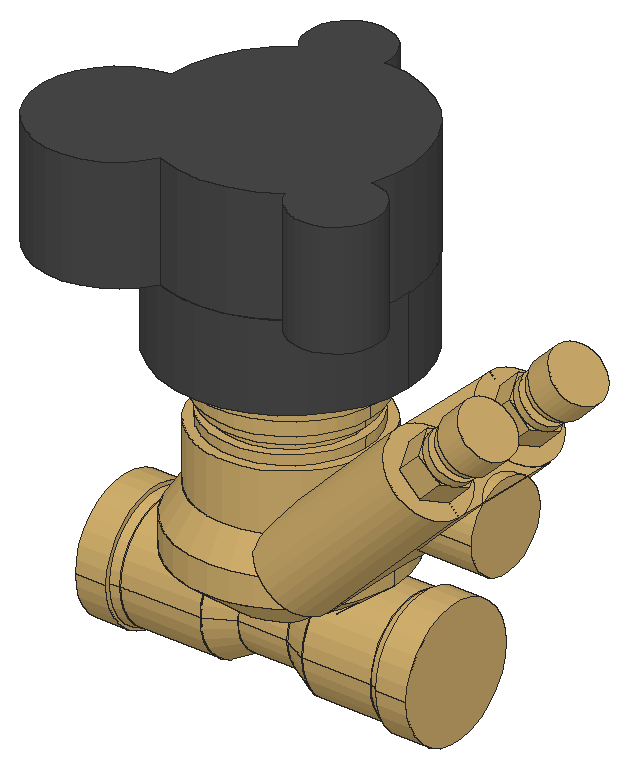
Revit family "Leno_MSV-BD_DN15-DN20_External_RFA", category Pipe Accessories, Revit 2019
Family settings
  Round Connector Dimension = Use Diameter
  Part Type = Valve - Breaks Into
  Work Plane-Based = No
  Always vertical = Yes
  Cut with Voids When Loaded = No
  Shared = No
Parameters (values of type "Leno MSV-BD_DN15LF_External_003Z4100")
  ang2D [instance] = 0.00°
  ZZ = 20 mm
  H_TP = 7.5 mm
  HV = 12 mm
  YC = 26.106 mm
  YAP = 12 mm
  XL = 45.5 mm
  XC2 = 17.375 mm
  XC1 = 38.61 mm
  XC = 32.5 mm
  XBB = 19.805 mm
  W2D = 15 mm
  Valve Body Material = Danfoss Brass
  URL = "https://store.danfoss.com/en/Climate-Solutions-for-heating/Hydronic-Balancing-and-Control/Static-balancing/LENO/c/7058?q=%3Arelevance%3Adanfoss_producttypehierarchydesc%3Ade63f997f1a05c9be4af68b7b90efa61c643d2da%3Adanfoss_a50461501115_fts%3ATA6_1501121&text="
  TD = RS2 * 2  # 25 mm
  S_2 = 15 mm
  S = 27 mm
  RV8 = 14 mm
  RV3 = 18 mm
  RV2 = 12 mm
  RV1 = 22 mm
  RS3 = 12 mm
  RS2 = 12.5 mm
  RR1 = 10.53 mm
  RR = 9.653 mm
  RG_1 = 16 mm
  RGB = 9.162 mm
  RG = 16 mm
  REX = 13.2 mm
  RC = 14.75 mm
  RB3 = 25 mm
  RB2 = 19 mm
  RB1 = 17 mm
  RA_1 = 7 mm
  RAB = 3 mm
  RA5 = 18 mm
  RA3_1 = 5.276 mm
  RA3 = 3.517 mm
  RA2 = 6 mm
  RA = 9 mm
  R2 = 14.625 mm
  R = 9 mm
  Pressure Drop [instance] = 0.0 Pa
  Model Type = "Leno MSV-BD_DN15LF_External"
  Model = "003Z4100"
  Min Medium Temperature = "-20 °C"  # constant formula
  Max Static Pressure = "20 bar"  # constant formula
  Max Flow Temperature = "120 °C"  # constant formula
  Max Differential Pressure = "250 kPa"  # constant formula
  Manufacturer = "Danfoss"  # constant formula
  MT = 1 mm
  MIN_1 = 5.5 mm
  MIN4 = 1.9 mm
  MIN3 = 8 mm
  MIN = 2 mm
  L_2 = 35 mm
  LOD 350 = not(LOD 200)  # yes
  LOD 200 = no
  LM = 18.2 mm
  LA2__ve = -LA2  # -6 mm
  LA2 = 6 mm
  LA = 39 mm
  L4 = 14.5 mm
  L2__ve = -L2  # -17 mm
  L2D_Min = 30.48 mm
  L2D = 65 mm
  L2 = 17 mm
  L1__ve = -L1  # -6.5 mm
  L1 = 6.5 mm
  L = L_2 * 2  # 70 mm
  Kvs = 2.5 m³/h
  IfcExportType = "LenoMSV-BD"  # constant formula
  IfcExportAs = "IfcValveType"  # constant formula
  HV3 = 12 mm
  HV2 = 12 mm
  HV1 = 6 mm
  HR = 7.035 mm
  HL__ve = -HL  # -24.77 mm
  HL = 24.77 mm
  HH = 42 mm
  HT = 4 mm
  HT1 = 4 mm
  H2 = H - 25 mm  # 67.5 mm
  H = 92.5 mm
  Flow [instance] = 0.0 m³/h
  Description = "Manual Balancing Valve"  # constant formula
  DA = 10.05 mm
  D5 = 35.75 mm
  D2 = 29.25 mm
  D = 15 mm
  Connection = "External Thread"  # constant formula
  CenSd_S_2_6 = S_2 * cos(30.00°)  # 12.99 mm
  CenSd_RA2_6 = RA2 * cos(30.00°)  # 5.196 mm
  A2 = 4.093 mm
  A1 = 13 mm
Types (3, lengths in mm): name | YC | YAP | XL | XC2 | XC1 | XC | XBB | W2D | TD | S_2 | S | RV8 | RV2 | RV1 | RS3 | RS2 | RR1 | RR | RGB | REX | RB3 | RA3_1 | RA3 | RA2 | R2 | R | Model Type | Model | MIN_1 | MIN4 | MIN3 | L_2 | LM | LA2__ve | LA2 | LA | L4 | L2__ve | L2D | L2 | L1__ve | L1 | L | Kvs | HV2 | HV1 | HR | HL__ve | HL | HT | HT1 | H2 | H | DA | D5 | D2 | D | CenSd_S_2_6 | CenSd_RA2_6 | A2 | A1
  Leno MSV-BD_DN20_External_003Z4102 | 30.122 | 12.6 | 46 | 20.048 | 44.55 | 37.5 | 22.775 | 20 | 32 | 17.9 | 32 | 15 | 13 | 24 | 15 | 16 | 12.15 | 11.138 | 11.188 | 16.5 | 25.5 | 8 | 4.41 | 7 | 16.875 | 13 | "Leno MSV-BD_DN20_External" | "003Z4102" | 3 | 1.8 | 6 | 37.5 | 22.2 | -6.2 | 6.2 | 41.5 | 9.5 | -12 | 75 | 12 | -8 | 8 | 75 | 6.0 m³/h | 15 | 9 | 8.82 | -27.35 | 27.35 | 4.5 | 3.6 | 69.9 | 94.9 | 12.6 | 41.25 | 33.75 | 20 | 15.502 | 6.062 | 6 | 15
  Leno MSV-BD_DN15_External_003Z4101 | 26.106 | 12 | 45.5 | 17.375 | 38.61 | 32.5 | 19.805 | 15 | 25 | 15 | 27 | 14 | 12 | 22 | 12 | 12.5 | 10.53 | 9.653 | 9.162 | 13.2 | 25 | 5.276 | 3.517 | 6 | 14.625 | 9 | "Leno MSV-BD_DN15_External" | "003Z4101" | 5.5 | 1.9 | 8 | 35 | 18.2 | -6 | 6 | 39 | 14.5 | -17 | 65 | 17 | -6.5 | 6.5 | 70 | 3.0 m³/h | 12 | 6 | 7.035 | -24.77 | 24.77 | 4 | 4 | 67.5 | 92.5 | 10.05 | 35.75 | 29.25 | 15 | 12.99 | 5.196 | 4.093 | 13
  Leno MSV-BD_DN15LF_External_003Z4100 | 26.106 | 12 | 45.5 | 17.375 | 38.61 | 32.5 | 19.805 | 15 | 25 | 15 | 27 | 14 | 12 | 22 | 12 | 12.5 | 10.53 | 9.653 | 9.162 | 13.2 | 25 | 5.276 | 3.517 | 6 | 14.625 | 9 | "Leno MSV-BD_DN15LF_External" | "003Z4100" | 5.5 | 1.9 | 8 | 35 | 18.2 | -6 | 6 | 39 | 14.5 | -17 | 65 | 17 | -6.5 | 6.5 | 70 | 2.5 m³/h | 12 | 6 | 7.035 | -24.77 | 24.77 | 4 | 4 | 67.5 | 92.5 | 10.05 | 35.75 | 29.25 | 15 | 12.99 | 5.196 | 4.093 | 13
Reference planes
  plane 1 "Center (Front/Back)": y = 0
  plane 2 "XYPLANE": z = 0
  plane 3 "Center (Left/Right)": x = 0
  plane 4 "732": through (-516.188, 0, 544.472) normal (0.7071, 0, 0.7071)
  plane 5 "731": z = 50.5
  plane 6 "708": z = 31.5
  plane 7 "705": x = 45.5
  plane 8 "699": z = 40
  plane 9 "676": through (-481.681, 0, 578.979) normal (0.7071, 0, 0.7071)
  plane 10 "675": through (-483.025, 0, 577.636) normal (0.7071, 0, 0.7071)
  plane 11 "638": y = 12
  plane 12 "629": y = -12
  plane 13 "224": z = 92.5
  plane 14 "216": x = -4
  plane 15 "215": x = 6.5
  plane 16 "213": z = 46
  plane 17 "212": z = 42
  plane 18 "211": z = 38
  plane 19 "210": z = 36
  plane 20 "209": z = 24
  plane 21 "207": through (-480.338, 0, 580.323) normal (0.7071, 0, 0.7071)
  plane 22 "206": through (-484.368, 0, 576.292) normal (0.7071, 0, 0.7071)
  plane 23 "205": through (-488.611, 0, 572.049) normal (0.7071, 0, 0.7071)
  plane 24 "203": z = 18
  plane 25 "202": z = 4
  plane 26 "199": z = 12
  plane 27 "180": x = 12
  plane 28 "179": x = 26.5
  plane 29 "178": x = 28.5
  plane 30 "177": x = -9.5
  plane 31 "176": x = -26.5
  plane 32 "175": x = -28.5
  plane 33 "140": x = 32.5
  plane 34 "139": x = -32.5
  plane 35 "96": through (-530.33, 0, 530.33) normal (0.7071, 0, 0.7071)
  plane 36 "95": y = 0
  plane 37 "93": through (527.436, 0, 533.225) normal (0.7071, 0, -0.7071)
  plane 38 "26": x = -35
  plane 39 "25": x = 35
  plane 40 "24": z = 0
  plane 41 "23": y = 0
  plane 42 "22": x = 0
  plane 43 "87XY": through (-530.33, 0, 530.33) normal (0.7071, 0, 0.7071)
  plane 44 "87XZ": y = 0
  plane 45 "87YZ": through (527.436, 0, 533.225) normal (0.7071, 0, -0.7071)
  plane 46: through (521.138, -1524, 539.522) normal (0.7071, 0, -0.7071)
  plane 47: through (0, -1524, 0) normal (-0.7071, 0, 0.7071)
  plane 48: x = 15
  plane 49: x = -9
  plane 50: y = -8
  plane 51 "32": z = 68.5
  plane 52 "LOD200_H": x = -10
Forms (mm)
  Extrusion 1, solid, material "Danfoss Brass" <- "Valve Body Material", visible <- "LOD 350", detail levels fine
    sketch origin (-750, 0, 38) x (1, 0, 0) y (0, 1, 0)
      loop
        circle (750, 0) r 14
    from 0 to 2 <- "MIN"
  Extrusion 2, solid, material "Danfoss Brass" <- "Valve Body Material", visible <- "LOD 350", detail levels fine
    sketch origin (-750, 0, 36) x (1, 0, 0) y (0, 1, 0)
      loop
        circle (750, 0) r 16
    from 0 to 2 <- "MIN"
  Extrusion 3, solid, material "Danfoss Brass" <- "Valve Body Material", detail levels fine
    sketch origin (45.5, -750, 0) x (0, 1, 0) y (0, 0, 1)
      loop
        circle (750, 31.5) r 9
    from 0 to -15.5
  Extrusion 4, solid, material "Danfoss Brass" <- "Valve Body Material", visible <- "LOD 350", detail levels fine
    sketch origin (-481.681, 0, 578.979) x (0.707107, 0, -0.707107) y (0, 1, 0)
      loop
        circle (745.907, 12) r 5.276
    from 0 to 1.9 <- "MIN4"
  Extrusion 5, solid, material "Danfoss Brass" <- "Valve Body Material", visible <- "LOD 350", detail levels fine
    sketch origin (-484.368, 0, 576.292) x (0.707107, 0, -0.707107) y (0, 1, 0)
      loop
        circle (745.907, 12) r 5.276
    from 0 to 1.9 <- "MIN4"
  Extrusion 6, solid, material "Danfoss Brass" <- "Valve Body Material", visible <- "LOD 350", detail levels fine
    sketch origin (-484.368, 0, 576.292) x (0.707107, 0, -0.707107) y (0, 1, 0)
      loop
        circle (745.907, -12) r 5.276
    from 0 to 1.9 <- "MIN4"
  Extrusion 7, solid, material "Danfoss Brass" <- "Valve Body Material", visible <- "LOD 350", detail levels fine
    sketch origin (-481.681, 0, 578.979) x (0.707107, 0, -0.707107) y (0, 1, 0)
      loop
        circle (745.907, -12) r 5.276
    from 0 to 1.9 <- "MIN4"
  Extrusion 8, solid, material "Danfoss Brass" <- "Valve Body Material", detail levels fine
    sketch origin (-516.188, 0, 544.472) x (0.707107, 0, -0.707107) y (0, 1, 0)
      loop
        circle (745.907, 12) r 9
    from 0 to 39 <- "LA"
  Extrusion 9, solid, material "Danfoss Brass" <- "Valve Body Material", visible <- "LOD 350", detail levels fine
    sketch origin (-488.611, 0, 572.049) x (0.707107, 0, -0.707107) y (0, 1, 0)
      loop
        line (742.816, 17.143) -> (739.908, 11.895) -> (742.998, 6.752) -> (748.997, 6.857) -> (751.906, 12.105) -> (748.815, 17.248) -> (742.816, 17.143)
    from 0 to 6 <- "LA2"
  Extrusion 10, solid, material "Danfoss Brass" <- "Valve Body Material", visible <- "LOD 350", detail levels fine
    sketch origin (-483.025, 0, 577.636) x (0.707107, 0, -0.707107) y (0, 1, 0)
      loop
        circle (745.907, 12) r 3.517
    from 0 to 2 <- "MIN"
  Extrusion 11, solid, material "Danfoss Brass" <- "Valve Body Material", visible <- "LOD 350", detail levels fine
    sketch origin (-480.338, 0, 580.323) x (0.707107, 0, -0.707107) y (0, 1, 0)
      loop
        circle (745.907, 12) r 6
    from 0 to 6
  Blend 12, solid, material "Danfoss Brass" <- "Valve Body Material", visible <- "LOD 350", detail levels fine
    base sketch origin (-750, 0, 12) x (1, 0, 0) y (0, 1, 0)
      loop
        circle (750, 0) r 22
    top sketch origin (-750, 0, 12) x (1, 0, 0) y (0, 1, 0)
      loop
        circle (750, 0) r 12
    from 0 to -8
  Extrusion 13, solid, material "Danfoss Brass" <- "Valve Body Material", visible <- "LOD 350", detail levels fine
    sketch origin (-750, 0, 42) x (1, 0, 0) y (0, 1, 0)
      loop
        circle (750, 0) r 17
    from 0 to 4 <- "HT1"
  Extrusion 14, solid, material "Danfoss Brass" <- "Valve Body Material", visible <- "LOD 350", detail levels fine
    sketch origin (-750, 0, 40) x (1, 0, 0) y (0, 1, 0)
      loop
        circle (750, 0) r 16
    from 0 to 2
  Extrusion 15, solid, material "Danfoss Brass" <- "Valve Body Material", visible <- "LOD 350", detail levels fine
    sketch origin (-750, 0, 24) x (1, 0, 0) y (0, 1, 0)
      loop
        circle (750, 0) r 18
    from 0 to 12 <- "HV3"
  Blend 16, solid, material "Danfoss Brass" <- "Valve Body Material", visible <- "LOD 350", detail levels fine
    base sketch origin (-750, 0, 18) x (1, 0, 0) y (0, 1, 0)
      loop
        circle (750, 0) r 22
    top sketch origin (-750, 0, 18) x (1, 0, 0) y (0, 1, 0)
      loop
        circle (750, 0) r 18
    from 0 to 6
  Extrusion 17, solid, material "Danfoss Brass" <- "Valve Body Material", visible <- "LOD 350", detail levels fine
    sketch origin (-480.338, 0, 580.323) x (0.707107, 0, -0.707107) y (0, 1, 0)
      loop
        circle (745.907, -12) r 6
    from 0 to 6.023
  Extrusion 18, solid, material "Danfoss Brass" <- "Valve Body Material", visible <- "LOD 350", detail levels fine
    sketch origin (-483.025, 0, 577.636) x (0.707107, 0, -0.707107) y (0, 1, 0)
      loop
        circle (745.907, -12) r 3.517
    from 0 to 1.9 <- "MIN4"
  Extrusion 19, solid, material "Danfoss Brass" <- "Valve Body Material", visible <- "LOD 350", detail levels fine
    sketch origin (-488.611, 0, 572.049) x (0.707107, 0, -0.707107) y (0, 1, 0)
      loop
        line (742.816, -6.857) -> (739.908, -12.105) -> (742.998, -17.248) -> (748.997, -17.143) -> (751.906, -11.895) -> (748.815, -6.752) -> (742.816, -6.857)
    from 0 to 6 <- "LA2"
  Extrusion 20, solid, material "Danfoss Brass" <- "Valve Body Material", detail levels fine
    sketch origin (35, -750, 0) x (0, 1, 0) y (0, 0, 1)
      loop
        circle (750, 0) r 13.2
    from 0 to -6.5 <- "L1__ve"
  Extrusion 21, solid, material "Danfoss Brass" <- "Valve Body Material", detail levels fine
    sketch origin (-35, -750, 0) x (0, 1, 0) y (0, 0, 1)
      loop
        circle (750, 0) r 13.2
    from 0 to 6.5 <- "L1"
  Extrusion 22, solid, material "Danfoss Brass" <- "Valve Body Material", detail levels fine
    sketch origin (-516.188, 0, 544.472) x (0.707107, 0, -0.707107) y (0, 1, 0)
      loop
        circle (745.907, -12) r 9
    from 0 to 39 <- "LA"
  Blend 23, solid, material "Danfoss Brass" <- "Valve Body Material", visible <- "LOD 350", detail levels fine
    base sketch origin (-750, 0, 46) x (1, 0, 0) y (0, 1, 0)
      loop
        circle (750, 0) r 19
    top sketch origin (-750, 0, 46) x (1, 0, 0) y (0, 1, 0)
      loop
        circle (750, 0) r 19
    from 0 to 4.5
  Blend 24, solid, material "Danfoss Brass" <- "Valve Body Material", visible <- "LOD 350", detail levels fine
    base sketch origin (-26.5, -750, 0) x (0, 1, 0) y (0, 0, 1)
      loop
        circle (750, 0) r 12
    top sketch origin (-26.5, -750, 0) x (0, 1, 0) y (0, 0, 1)
      loop
        circle (750, 0) r 12.5
    from 0 to -2
  Blend 25, solid, material "Danfoss Brass" <- "Valve Body Material", visible <- "LOD 350", detail levels fine
    base sketch origin (26.5, -750, 0) x (0, 1, 0) y (0, 0, 1)
      loop
        circle (750, 0) r 12
    top sketch origin (26.5, -750, 0) x (0, 1, 0) y (0, 0, 1)
      loop
        circle (750, 0) r 12.5
    from 0 to 2
  Extrusion 26, solid, material "Danfoss Brass" <- "Valve Body Material", visible <- "LOD 350", detail levels fine
    sketch origin (12, -750, 0) x (0, 1, 0) y (0, 0, 1)
      loop
        circle (750, 0) r 12
    from 0 to 14.5 <- "L4"
  Extrusion 27, solid, material "Danfoss Brass" <- "Valve Body Material", visible <- "LOD 350", detail levels fine
    sketch origin (-9.5, -750, 0) x (0, 1, 0) y (0, 0, 1)
      loop
        circle (750, 0) r 12
    from 0 to -17 <- "L2__ve"
  Extrusion 28, solid, material "Danfoss Plastic Black", visible <- "LOD 350", detail levels fine
    sketch origin (0, 0, 68.5) x (-1, 0, 0) y (0, -1, 0)
      loop
        arc (14.544, -20.334) -> (22.251, -11.397) -> (25, 0.081) r 25
        arc (25, 0.081) -> (36.958, 25.428) -> (9, 23.465) r 16.241
        arc (9, 23.465) -> (-3.327, 24.725) -> (-14.745, 19.91) r 25
        arc (-14.745, 19.91) -> (-29.986, 22.041) -> (-23.687, 8) r 8.793
        arc (-23.687, 8) -> (-20.31, -14.577) -> (0, -25) r 25.002
        arc (0, -25) -> (10.843, -33.8) -> (14.544, -20.334) r 8.34
    from 0 to 24
  Extrusion 29, solid, material "Danfoss Brass" <- "Valve Body Material", visible <- "LOD 350", detail levels fine
    sketch origin (-750, 0, 12) x (1, 0, 0) y (0, 1, 0)
      loop
        circle (750, 0) r 22
    from 0 to 6 <- "HV1"
  Blend 30, solid, material "Danfoss Brass" <- "Valve Body Material", visible <- "LOD 350", detail levels fine
    base sketch origin (12, -750, 0) x (0, 1, 0) y (0, 0, 1)
      loop
        circle (750, 0) r 12
    top sketch origin (12, -750, 0) x (0, 1, 0) y (0, 0, 1)
      loop
        circle (750, 0) r 9
    from 0 to -5.5
  Blend 31, solid, material "Danfoss Brass" <- "Valve Body Material", visible <- "LOD 350", detail levels fine
    base sketch origin (-9.5, -750, 0) x (0, 1, 0) y (0, 0, 1)
      loop
        circle (750, 0) r 12
    top sketch origin (-9.5, -750, 0) x (0, 1, 0) y (0, 0, 1)
      loop
        circle (750, 0) r 9
    from 0 to 5.5
  Extrusion 32, solid, material "Danfoss Brass" <- "Valve Body Material", visible <- "LOD 350", detail levels fine
    sketch origin (-4, -750, 0) x (0, 1, 0) y (0, 0, 1)
      loop
        circle (750, 0) r 9
    from 0 to 10.5
  Extrusion 33, solid, material "Danfoss Brass" <- "Valve Body Material", visible <- "LOD 200", detail levels fine
    sketch origin (0, 0, 4) x (1, 0, 0) y (0, 1, 0)
      loop
        circle (0, 0) r 18
    from 0 to 32
  Extrusion 34, solid, material "Danfoss Brass" <- "Valve Body Material", visible <- "LOD 200", detail levels fine
    sketch origin (-28.5, 0, 0) x (0, 1, 0) y (0, 0, 1)
      loop
        circle (0, 0) r 12
    from 0 to 57
  Revolve 35, solid, material "Danfoss Brass", visible <- "LOD 200", detail levels fine
    sketch origin (0, -12, 0) x (0, 0, 1) y (1, 0, 0)
      loop
        line (44.614, 38.825) -> (57.146, 51.357) -> (52.903, 55.6) -> (40.371, 43.067) -> (44.614, 38.825)
      axis (44.614, 38.825) -> (57.146, 51.357)
    angle from 0 to 360
  Extrusion 36, solid, material "Danfoss Brass" <- "Valve Body Material", visible <- "LOD 200", detail levels fine
    sketch origin (-750, 0, 36) x (1, 0, 0) y (0, 1, 0)
      loop
        circle (750, 0) r 14
    from 0 to 14.5
  Revolve 37, solid, material "Danfoss Brass" <- "Valve Body Material", visible <- "LOD 200", detail levels fine
    sketch origin (0, 12, 0) x (0, 0, 1) y (1, 0, 0)
      loop
        line (57.146, 51.357) -> (52.903, 55.6) -> (40.371, 43.067) -> (44.614, 38.825) -> (57.146, 51.357)
      axis (57.146, 51.357) -> (44.614, 38.825)
    angle from 0 to 360
  Extrusion 38, solid, material "Danfoss Brass", detail levels fine
    sketch origin (0, 0, 0) x (1, 0, 0) y (0, 0, 1)
      loop
        line (4.95, 23.335) -> (17.678, 10.607) -> (45.255, 38.184) -> (32.527, 50.912) -> (4.95, 23.335)
    from 12 to -12
  Extrusion 39, solid, material "Danfoss Plastic Black", detail levels fine
    sketch origin (-750, 0, 50.5) x (1, 0, 0) y (0, 1, 0)
      loop
        circle (750, 0) r 25
    from 0 to 18
  Extrusion 40, solid, material "Danfoss Plastic Black", visible <- "LOD 200", detail levels fine
    sketch origin (0, 0, 68.5) x (-1, 0, 0) y (0, -1, 0)
      loop
        circle (10, 0) r 35.531
    from 0 to 24
Lines and regions (mm)
  reference lines, not visible
    curve 1: circle (2, 2, 0) r 1 normal (0, 0, 1)
  reference lines
    curve 2: line (38.825, 12, 44.614) -> (38.136, 10.242, 45.303)
    curve 3: line (38.825, 12, 44.614) -> (39.557, 10.277, 43.882)
    curve 4: line (38.825, 12, 44.614) -> (40.246, 12.035, 43.193)
    curve 5: line (38.825, -12, 44.614) -> (38.136, -13.758, 45.303)
    curve 6: line (38.825, -12, 44.614) -> (39.557, -13.723, 43.882)
    curve 7: line (38.825, -12, 44.614) -> (40.246, -11.965, 43.193)
    curve 8: line (35, 0, 0) -> (35, 0, 6.75)
    curve 9: line (35, 0, 0) -> (35, -5.846, 3.375)
    curve 10: line (35, 0, 0) -> (35, -5.846, -3.375)
    curve 11: line (-35, 0, 0) -> (-35, 0, 6.75)
    curve 12: line (-35, 0, 0) -> (-35, 5.846, 3.375)
    curve 13: line (-35, 0, 0) -> (-35, 5.846, -3.375)
Dimensions and locks
  plane 1 "Center (Front/Back)" to curve 1 = 2 mm
  "ZZ": plane 35 "96" to plane 4 "732"
  "HH": plane 13 "224" to plane 5 "731"
  "H_TP": plane 20 "209" to plane 6 "708"
  "XL": plane 42 "22" to plane 7 "705"
  "MIN": plane 18 "211" to plane 8 "699"
  "MIN4": plane 10 "675" to plane 9 "676"
  "MIN4": plane 22 "206" to plane 10 "675"
  "YAP": plane 36 "95" to plane 11 "638"
  "YAP": plane 36 "95" to plane 12 "629"
  "H": plane 40 "24" to plane 13 "224"
  "MIN_1": plane 30 "177" to plane 14 "216"
  "MIN_1": plane 27 "180" to plane 15 "215"
  "HT1": plane 17 "212" to plane 16 "213"
  "HT": plane 18 "211" to plane 17 "212"
  "MIN": plane 19 "210" to plane 18 "211"
  "HV3": plane 20 "209" to plane 19 "210"
  "MIN4": plane 9 "676" to plane 21 "207"
  "LA2": plane 23 "205" to plane 22 "206"
  "LA": plane 4 "732" to plane 23 "205"
  "HV1": plane 26 "199" to plane 24 "203"
  "MIN3": plane 26 "199" to plane 25 "202"
  "HV": plane 40 "24" to plane 26 "199"
  "L4": plane 28 "179" to plane 27 "180"
  "MIN": plane 29 "178" to plane 28 "179"
  "L1": plane 39 "25" to plane 29 "178"
  "L2": plane 31 "176" to plane 30 "177"
  "MIN": plane 32 "175" to plane 31 "176"
  "L1": plane 38 "26" to plane 32 "175"
  "XC": plane 42 "22" to plane 33 "140"
  "XC": plane 42 "22" to plane 34 "139"
  locked: plane 43 "87XY" to plane 35 "96"
  locked: plane 41 "23" to plane 36 "95"
  locked: plane 45 "87YZ" to plane 37 "93"
  "L_2": plane 42 "22" to plane 38 "26"
  "L_2": plane 42 "22" to plane 39 "25"
  locked: plane 2 "XYPLANE" to plane 40 "24"
  locked: plane 1 "Center (Front/Back)" to plane 41 "23"
  locked: plane 3 "Center (Left/Right)" to plane 42 "22"
  "CenSd_RA2_6": curve 2 to Extrusion 9 sketch curve  (x2)
  "CenSd_RA2_6": curve 3 to Extrusion 9 sketch curve  (x2)
  "CenSd_RA2_6": curve 4 to Extrusion 9 sketch curve  (x2)
  Extrusion 9 sketch curve to Extrusion 9 sketch curve = 0 mm  (x12)
  "CenSd_RA2_6": curve 5 to Extrusion 19 sketch curve  (x2)
  "CenSd_RA2_6": curve 6 to Extrusion 19 sketch curve  (x2)
  "CenSd_RA2_6": curve 7 to Extrusion 19 sketch curve  (x2)
  Extrusion 19 sketch curve to Extrusion 19 sketch curve = 0 mm  (x12)
  plane 39 "25" to plane 38 "26" = 70 mm
  "RA2": Revolve 35 sketch curve to Revolve 35 sketch curve
  "RA2": Revolve 37 sketch curve to Revolve 37 sketch curve
  "RA5": Extrusion 38 sketch curve to Extrusion 38 sketch curve
  "A1": plane 46 to plane 47
  plane 42 "22" to plane 48 = 15 mm
  plane 49 to plane 42 "22" = 9 mm
  Extrusion 28 sketch curve to plane 49 = 0 mm
  Extrusion 28 sketch curve to plane 48 = 0.255 mm
  Extrusion 28 sketch curve to plane 1 "Center (Front/Back)" = 0.081 mm
  plane 44 "87XZ" to plane 50 = 8 mm
  "A2": plane 45 "87YZ" to plane 47
  locked: plane 51 "32" to plane 5 "731" at 18
  "HV2": plane 20 "209" to plane 26 "199"
  locked: plane 52 "LOD200_H" to plane 3 "Center (Left/Right)" at 10
  "RV8": radius of Extrusion 1 sketch curve
  "RG": radius of Extrusion 2 sketch curve
  "RA": radius of Extrusion 3 sketch curve
  "RA3_1": radius of Extrusion 4 sketch curve
  "RA3_1": radius of Extrusion 5 sketch curve
  "RA3_1": radius of Extrusion 6 sketch curve
  "RA3_1": radius of Extrusion 7 sketch curve
  "RA": radius of Extrusion 8 sketch curve
  "RA3": radius of Extrusion 10 sketch curve
  "RA2": radius of Extrusion 11 sketch curve
  "RV2": radius of Blend 12 sketch curve
  "RV1": radius of Blend 12 sketch curve
  "RB1": radius of Extrusion 13 sketch curve
  "RG_1": radius of Extrusion 14 sketch curve
  "RV3": radius of Extrusion 15 sketch curve
  "RV3": radius of Blend 16 sketch curve
  "RV1": radius of Blend 16 sketch curve
  "RA2": radius of Extrusion 17 sketch curve
  "RA3": radius of Extrusion 18 sketch curve
  "REX": radius of Extrusion 20 sketch curve
  "REX": radius of Extrusion 21 sketch curve
  "RA": radius of Extrusion 22 sketch curve
  "RB2": radius of Blend 23 sketch curve  (x2)
  "RS2": radius of Blend 24 sketch curve
  "RS3": radius of Blend 24 sketch curve
  "RS2": radius of Blend 25 sketch curve
  "RS3": radius of Blend 25 sketch curve
  "RS3": radius of Extrusion 26 sketch curve
  "RS3": radius of Extrusion 27 sketch curve
  "RV1": radius of Extrusion 29 sketch curve
  "R": radius of Blend 30 sketch curve
  "RS3": radius of Blend 30 sketch curve
  "R": radius of Blend 31 sketch curve
  "RS3": radius of Blend 31 sketch curve
  "R": radius of Extrusion 32 sketch curve
  "RV3": radius of Extrusion 33 sketch curve
  "RS3": radius of Extrusion 34 sketch curve
  "RV8": radius of Extrusion 36 sketch curve
  radius of Extrusion 28 sketch curve = 8.34 mm
  radius of Extrusion 28 sketch curve = 25 mm  (x2)
  radius of Extrusion 28 sketch curve = 8.793 mm
  radius of Extrusion 28 sketch curve = 16.241 mm
  radius of Extrusion 28 sketch curve = 25.002 mm
  radius of Extrusion 39 sketch curve = 25 mm
  radius of Extrusion 40 sketch curve = 35.531 mm
  locked: curve 3 to curve 2 (angle 60.00°)
  locked: curve 4 to curve 3 (angle 60.00°)
  locked: curve 4 to curve 2 (angle 120.00°)
  locked: curve 6 to curve 5 (angle 60.00°)
  locked: curve 7 to curve 6 (angle 60.00°)
  locked: curve 7 to curve 5 (angle 120.00°)
  locked: curve 9 to curve 8 (angle 60.00°)
  locked: curve 10 to curve 9 (angle 60.00°)
  locked: curve 10 to curve 8 (angle 120.00°)
  locked: curve 12 to curve 11 (angle 60.00°)
  locked: curve 13 to curve 12 (angle 60.00°)
  locked: curve 13 to curve 11 (angle 120.00°)
  angle Extrusion 28 sketch curve to Extrusion 28 sketch curve = 54.6115°
  angle Extrusion 28 sketch curve to Extrusion 28 sketch curve = 57.3958°
  aligned and locked: level to plane 2 "XYPLANE"
  aligned and locked: plane 41 "23" to Extrusion 1 sketch curve
  aligned and locked: plane 42 "22" to Extrusion 1 sketch curve
  aligned and locked: plane 41 "23" to Extrusion 2 sketch curve
  aligned and locked: plane 42 "22" to Extrusion 2 sketch curve
  aligned and locked: plane 6 "708" to Extrusion 3 sketch curve
  aligned and locked: plane 41 "23" to Extrusion 3 sketch curve
  aligned and locked: plane 11 "638" to Extrusion 4 sketch curve
  aligned and locked: plane 37 "93" to Extrusion 4 sketch curve
  aligned and locked: plane 11 "638" to Extrusion 5 sketch curve
  aligned and locked: plane 37 "93" to Extrusion 5 sketch curve
  aligned and locked: plane 12 "629" to Extrusion 6 sketch curve
  aligned and locked: Extrusion 6 sketch curve to plane 37 "93"
  aligned and locked: plane 12 "629" to Extrusion 7 sketch curve
  aligned and locked: Extrusion 7 sketch curve to plane 37 "93"
  aligned and locked: plane 11 "638" to Extrusion 8 sketch curve
  aligned and locked: plane 37 "93" to Extrusion 8 sketch curve
  aligned and locked: plane 11 "638" to curve 3
  aligned and locked: plane 37 "93" to curve 4
  aligned and locked: plane 11 "638" to Extrusion 10 sketch curve
  aligned and locked: plane 37 "93" to Extrusion 10 sketch curve
  aligned and locked: plane 11 "638" to Extrusion 11 sketch curve
  aligned and locked: plane 37 "93" to Extrusion 11 sketch curve
  aligned and locked: plane 41 "23" to Blend 12 sketch curve  (x2)
  aligned and locked: plane 42 "22" to Blend 12 sketch curve  (x2)
  aligned and locked: Blend 12 to plane 25 "202"
  aligned and locked: plane 41 "23" to Extrusion 13 sketch curve
  aligned and locked: plane 42 "22" to Extrusion 13 sketch curve
  aligned and locked: plane 41 "23" to Extrusion 14 sketch curve
  aligned and locked: plane 42 "22" to Extrusion 14 sketch curve
  aligned and locked: plane 41 "23" to Extrusion 15 sketch curve
  aligned and locked: plane 42 "22" to Extrusion 15 sketch curve
  aligned and locked: plane 41 "23" to Blend 16 sketch curve  (x2)
  aligned and locked: plane 42 "22" to Blend 16 sketch curve  (x2)
  aligned and locked: plane 12 "629" to Extrusion 17 sketch curve
  aligned and locked: Extrusion 17 sketch curve to plane 37 "93"
  aligned and locked: plane 12 "629" to Extrusion 18 sketch curve
  aligned and locked: Extrusion 18 sketch curve to plane 37 "93"
  aligned and locked: curve 5 to plane 37 "93"
  aligned and locked: plane 12 "629" to curve 6
  aligned and locked: plane 40 "24" to Extrusion 20 sketch curve
  aligned and locked: Extrusion 20 sketch curve to plane 41 "23"
  aligned and locked: plane 40 "24" to Extrusion 21 sketch curve
  aligned and locked: Extrusion 21 sketch curve to plane 41 "23"
  aligned and locked: plane 12 "629" to Extrusion 22 sketch curve
  aligned and locked: Extrusion 22 sketch curve to plane 37 "93"
  aligned and locked: plane 41 "23" to Blend 23 sketch curve  (x2)
  aligned and locked: plane 42 "22" to Blend 23 sketch curve  (x2)
  aligned and locked: plane 5 "731" to Blend 23
  aligned and locked: plane 40 "24" to Blend 24 sketch curve  (x2)
  aligned and locked: Blend 24 sketch curve to plane 41 "23"  (x2)
  aligned and locked: Blend 24 to plane 32 "175"
  aligned and locked: plane 40 "24" to Blend 25 sketch curve  (x2)
  aligned and locked: Blend 25 sketch curve to plane 41 "23"  (x2)
  aligned and locked: plane 29 "178" to Blend 25
  aligned and locked: plane 40 "24" to Extrusion 26 sketch curve
  aligned and locked: Extrusion 26 sketch curve to plane 41 "23"
  aligned and locked: plane 40 "24" to Extrusion 27 sketch curve
  aligned and locked: Extrusion 27 sketch curve to plane 41 "23"
  aligned and locked: plane 41 "23" to Extrusion 29 sketch curve
  aligned and locked: plane 42 "22" to Extrusion 29 sketch curve
  aligned and locked: plane 40 "24" to curve 10
  aligned and locked: curve 10 to plane 41 "23"
  aligned and locked: plane 40 "24" to curve 13
  aligned and locked: curve 13 to plane 41 "23"
  aligned and locked: plane 40 "24" to Blend 30 sketch curve  (x2)
  aligned and locked: Blend 30 sketch curve to plane 41 "23"  (x2)
  aligned and locked: Blend 30 to plane 15 "215"
  aligned and locked: plane 40 "24" to Blend 31 sketch curve  (x2)
  aligned and locked: Blend 31 sketch curve to plane 41 "23"  (x2)
  aligned and locked: plane 14 "216" to Blend 31
  aligned and locked: plane 40 "24" to Extrusion 32 sketch curve
  aligned and locked: Extrusion 32 sketch curve to plane 41 "23"
  aligned and locked: plane 44 "87XZ" to Extrusion 33 sketch curve
  aligned and locked: plane 3 "Center (Left/Right)" to Extrusion 33 sketch curve
  aligned and locked: level to Extrusion 34 sketch curve
  aligned and locked: plane 44 "87XZ" to Extrusion 34 sketch curve
  aligned and locked: Extrusion 34 to plane 29 "178"
  aligned and locked: Revolve 35 sketch curve to plane 23 "205"
  aligned and locked: Revolve 35 sketch curve to plane 45 "87YZ"
  aligned and locked: Revolve 35 sketch curve to Extrusion 17
  aligned and locked: Revolve 35 sketch curve to Extrusion 11
  aligned and locked: Revolve 35 sketch curve to Revolve 35 sketch curve
  aligned and locked: plane 23 "205" to Revolve 35 sketch curve
  aligned and locked: plane 45 "87YZ" to Revolve 35 sketch curve
  aligned and locked: plane 19 "210" to Extrusion 33
  aligned and locked: plane 1 "Center (Front/Back)" to Extrusion 36 sketch curve
  aligned and locked: plane 5 "731" to Extrusion 36
  aligned and locked: Revolve 37 sketch curve to plane 45 "87YZ"
  aligned and locked: Revolve 35 to Revolve 37 sketch curve
  aligned and locked: Extrusion 38 sketch curve to plane 4 "732"
  aligned and locked: Extrusion 38 sketch curve to plane 23 "205"
  aligned and locked: Extrusion 38 sketch curve to plane 46
  aligned and locked: plane 50 to Extrusion 28 sketch curve
  aligned and locked: plane 23 "205" to Revolve 37 sketch curve
  aligned and locked: Revolve 37 sketch curve to Revolve 37 sketch curve  (x2)
  aligned and locked: plane 1 "Center (Front/Back)" to nested 1
  aligned and locked: plane 3 "Center (Left/Right)" to nested 1
  aligned and locked: Extrusion 38 to plane 12 "629"
  aligned and locked: plane 11 "638" to Extrusion 38
  aligned and locked: plane 13 "224" to Extrusion 28
  aligned and locked: plane 1 "Center (Front/Back)" to Extrusion 39 sketch curve
  aligned and locked: plane 3 "Center (Left/Right)" to Extrusion 39 sketch curve
  aligned and locked: Extrusion 32 to plane 15 "215"
  aligned and locked: plane 20 "209" to Blend 16
  aligned and locked: plane 17 "212" to Extrusion 14
  aligned and locked: plane 13 "224" to Extrusion 40
  aligned and locked: plane 52 "LOD200_H" to Extrusion 40 sketch curve
  aligned and locked: plane 1 "Center (Front/Back)" to Extrusion 40 sketch curve
Automatic sketch dimensions
  plane 11 "638" to curve 4 = 0.035 mm
  plane 12 "629" to curve 7 = 0.035 mm
  plane 3 "Center (Left/Right)" to curve 1 = 2 mm
  Extrusion 28 sketch curve to plane 3 "Center (Left/Right)" = 0 mm  (x2)
  plane 1 "Center (Front/Back)" to Extrusion 28 sketch curve = 0 mm  (x2)
  Extrusion 28 sketch curve to Extrusion 28 sketch curve = 8.21 mm
  Extrusion 28 sketch curve to plane 3 "Center (Left/Right)" = 0.001 mm
  Revolve 35 sketch curve to Revolve 35 sketch curve = 3.143 mm
  Extrusion 36 sketch curve to plane 3 "Center (Left/Right)" = 0 mm
  plane 17 "212" to Revolve 37 sketch curve = 0.028 mm
  radius of curve 1 = 1 mm
Nested families
  nested 1: "Schematic_Manual balancing valve" at (0, 0, 0), type "Schematic_Manual balancing valve", detail levels coarse+medium
Connectors
  piping at (35, 0, 0), diameter 15, driven by "D", driven by "Flow"
    settings: on Extrusion 20, index 1, connector inside diameter 609.6 mm, connector length 0 mm, flow factor 0, pipe flow 0.0 m³/h, pressure drop 0.0 Pa, fitting loss kfactor 0, connector angle 0.00°, fixture units 0, engagement length 0 mm, angle of deflection 0.00°, flow configuration 0, flow direction 0, fitting loss method 0, system type 29, joint type 0, gender type 0, connector reference index 2, connector utility 0, adjustable connector no, is connector primary yes, connector description ""
  piping at (-35, 0, 0), diameter 15, driven by "D"
    settings: on Extrusion 21, index 2, connector inside diameter 609.6 mm, connector length 0 mm, flow factor 0, pipe flow 0.0 m³/h, pressure drop 0.0 Pa, fitting loss kfactor 0, connector angle 0.00°, fixture units 0, engagement length 0 mm, angle of deflection 0.00°, flow configuration 0, flow direction 0, fitting loss method 0, system type 29, joint type 0, gender type 0, connector reference index 1, connector utility 0, adjustable connector no, is connector primary no, connector description ""
Definition of nested family "Schematic_Manual balancing valve"
  Parameters (values of type "Schematic_Manual balancing valve")
    L = 130 mm
    H = 127.7 mm
    L1 = L / 2  # 65 mm
    D = 68 mm
  Reference planes
    plane 1 "Center (Front/Back)": y = 0
    plane 2: z = 0
    plane 3 "Center (Left/Right)": x = 0
    plane 4: y = 93.7
    plane 5: y = -34
    plane 6: x = -65
    plane 7: x = 65
    plane 8: y = 34
    plane 9: x = -32.5
    plane 10: x = 32.5
    plane 11: z = 34
    plane 12: z = -34
    plane 13: z = 93.7
  Lines and regions (mm)
    model lines
      curve 1: line (-65, 0, 34) -> (-65, 0, -34)
      curve 2: line (-65, 0, -34) -> (0, 0, 0)
      curve 3: line (0, 0, 0) -> (-65, 0, 34)
      curve 4: line (65, 0, 34) -> (0, 0, 0)
      curve 5: line (65, 0, -34) -> (0, 0, 0)
      curve 6: line (65, 0, -34) -> (65, 0, 34)
      curve 7: line (0, 0, 0) -> (0, 0, 93.7)
      curve 8: line (-32.5, 0, 93.7) -> (32.5, 0, 93.7)
      curve 9: line (-32.5, 0, -17) -> (-32.5, 0, -34)
      curve 10: line (32.5, 0, -17) -> (32.5, 0, -34)
    symbolic lines
      curve 11: line (-65, 34, 0) -> (-65, -34, 0)
      curve 12: line (-65, -34, 0) -> (0, 0, 0)
      curve 13: line (-65, 34, 0) -> (0, 0, 0)
      curve 14: line (65, 34, 0) -> (0, 0, 0)
      curve 15: line (65, -34, 0) -> (0, 0, 0)
      curve 16: line (65, -34, 0) -> (65, 34, 0)
      curve 17: line (0, 0, 0) -> (0, 93.7, 0)
      curve 18: line (-32.5, 93.7, 0) -> (32.5, 93.7, 0)
      curve 19: line (-32.5, -17, 0) -> (-32.5, -34, 0)
      curve 20: line (32.5, -17, 0) -> (32.5, -34, 0)
  Dimensions and locks
    "H": plane 5 to plane 4
    equal spacing: plane 6, plane 3 "Center (Left/Right)", plane 7
    equal spacing: plane 5, plane 1 "Center (Front/Back)", plane 8
    equal spacing: plane 9, plane 3 "Center (Left/Right)", plane 10
    equal spacing: plane 11, level, plane 12
    "H": plane 13 to plane 12
    "D": plane 5 to plane 8
    "L1": plane 9 to plane 10
    "D": plane 11 to plane 12
    "L": plane 6 to plane 7
    aligned and locked: level to plane 2
    aligned and locked: plane 7 to curve 6
  Automatic sketch dimensions
    curve 19 to plane 9 = 0 mm
    curve 18 to plane 9 = 0 mm
    plane 1 "Center (Front/Back)" to curve 13 = 0 mm
    curve 18 to plane 10 = 0 mm
    curve 20 to plane 10 = 0 mm
    plane 5 to curve 20 = 0 mm
    plane 8 to curve 13 = 0 mm
    curve 2 to plane 6 = 0 mm
    curve 9 to plane 9 = 0 mm
    curve 8 to plane 9 = 0 mm
    curve 3 to level = 0 mm
    curve 3 to plane 3 "Center (Left/Right)" = 0 mm
    curve 8 to plane 10 = 0 mm
    curve 10 to plane 10 = 0 mm
    curve 10 to plane 12 = 0 mm
    curve 1 to plane 12 = 0 mm
    curve 6 to plane 12 = 0 mm
    curve 9 to plane 12 = 0 mm
    curve 3 to plane 11 = 0 mm
    curve 4 to plane 11 = 0 mm
    curve 7 to plane 13 = 0 mm
    plane 5 to curve 11 = 0 mm
    curve 13 to plane 6 = 0 mm
    curve 13 to plane 3 "Center (Left/Right)" = 0 mm
    plane 8 to curve 14 = 0 mm
    plane 5 to curve 16 = 0 mm
    plane 4 to curve 18 = 0 mm
    curve 14 to plane 7 = 0 mm
    plane 5 to curve 19 = 0 mm
